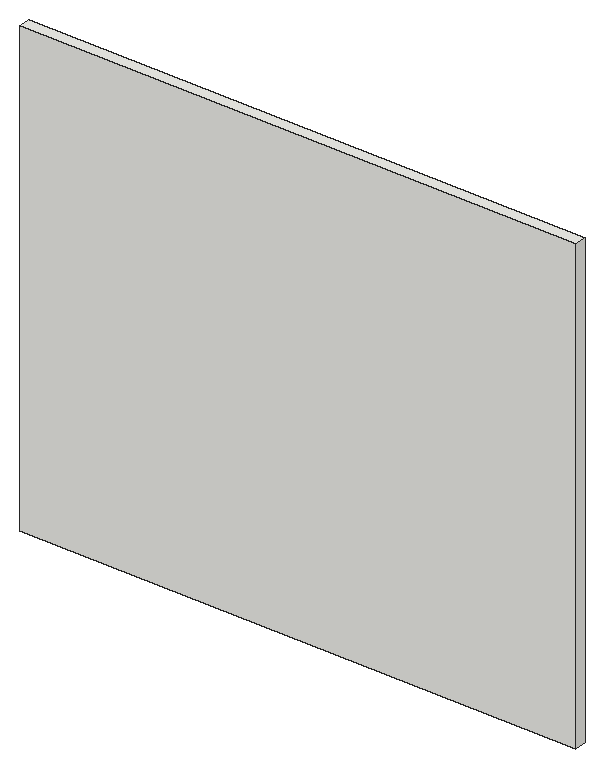
Revit family
Parameters (values of type "2435 x 1981mm")
  Height = 1981.00 mm
  Thickness = 51.00 mm
  Wall Closure = (empty or 0)
  Width = 2435.00 mm
  문 재료 = 금속 - 페인트 마감 - 아이보리색, 무광
Reference planes
  plane 1: y = 0
  plane 2: z = 0
  plane 3: x = 0
  plane 4: x = -1217.5
  plane 5: x = 1217.5
  plane 6: z = 1981
Forms (mm)
  Extrusion 1, solid, material "금속 - 페인트 마감 - 아이보리색, 무광" <- "문 재료"
    sketch origin (0, 0, 0) x (1, 0, 0) y (0, 1, 0)
      loop
        line (-1217.5, -101.6) -> (-1217.5, -152.6) -> (1217.5, -152.6) -> (1217.5, -101.6) -> (-1217.5, -101.6)
    from 0 to 1981
Lines and regions (mm)
  Opening 1
    outline origin (-3302, -101.6, 0) x (1, 0, 0) y (0, 0, 1)
      loop
        line (2084.5, 0) -> (4519.5, 0) -> (4519.5, 1981) -> (2084.5, 1981) -> (2084.5, 0)
  model lines, style "DoorsPanelProjection"
    curve 1: line (1217.5, -101.6, 0) -> (-1217.5, -101.6, 0)
    curve 4: line (1217.5, -101.6, 1698) -> (-1217.5, -101.6, 1698)
    curve 5: line (1217.5, -101.6, 1415) -> (-1217.5, -101.6, 1415)
    curve 6: line (1217.5, -101.6, 1132) -> (-1217.5, -101.6, 1132)
    curve 7: line (1217.5, -101.6, 849) -> (-1217.5, -101.6, 849)
    curve 8: line (1217.5, -101.6, 566) -> (-1217.5, -101.6, 566)
    curve 9: line (1217.5, -101.6, 283) -> (-1217.5, -101.6, 283)
  symbolic lines, style "입면도 스윙"
    curve 2: arc (0, -101.6, 1981) -> (0, -201.351, 2221.821) -> (0, -442.172, 2321.572) r 340.572
    curve 3: line (0, -442.172, 2321.572) -> (0, -2423.372, 2321.572)
Text (mm)
  text "외부" at (-1812.94, 377.066, 0), in view "바닥 선"
  text "외부" at (0, 888.654, 3134.195), in view "오른쪽"
Dimensions and locks
  equal spacing: plane 4, plane 3, plane 5
  "Width": plane 4 to plane 5
  "Height": plane 2 to plane 6
  "Thickness": Extrusion 1 sketch curve to Extrusion 1 sketch curve
  equal spacing: host wall, curve 9, curve 8, curve 7, curve 6, curve 5, curve 4, plane 6
  aligned and locked: plane 4 to Opening 1 sketch curve
  aligned and locked: plane 6 to Opening 1 sketch curve  (x2)
  aligned and locked: Opening 1 sketch curve to plane 5
  aligned and locked: Opening 1 sketch curve to level
  aligned and locked: host wall to Extrusion 1 sketch curve
  aligned and locked: plane 5 to curve 1
  aligned and locked: plane 4 to curve 1
  aligned and locked: Extrusion 1 to level
  aligned and locked: host wall to curve 2
  aligned and locked: Extrusion 1 to host wall
  aligned and locked: Extrusion 1 to curve 4
  aligned and locked: plane 4 to curve 4
  aligned and locked: plane 5 to curve 5
  aligned and locked: plane 4 to curve 5
  aligned and locked: Extrusion 1 to curve 6
  aligned and locked: plane 4 to curve 6
  aligned and locked: plane 5 to curve 7
  aligned and locked: plane 4 to curve 7
  aligned and locked: Extrusion 1 to curve 8
  aligned and locked: plane 4 to curve 8
  aligned and locked: plane 5 to curve 9
  aligned and locked: plane 4 to curve 9
Automatic sketch dimensions
  Extrusion 1 sketch curve to plane 4 = 0.00 mm
  Extrusion 1 sketch curve to plane 5 = 0.00 mm
  curve 2 to plane 6 = 0.00 mm
  curve 2 to curve 2 = 340.572 mm
  curve 3 to curve 2 = 1981.20 mm
  curve 1 to level = 0.00 mm
